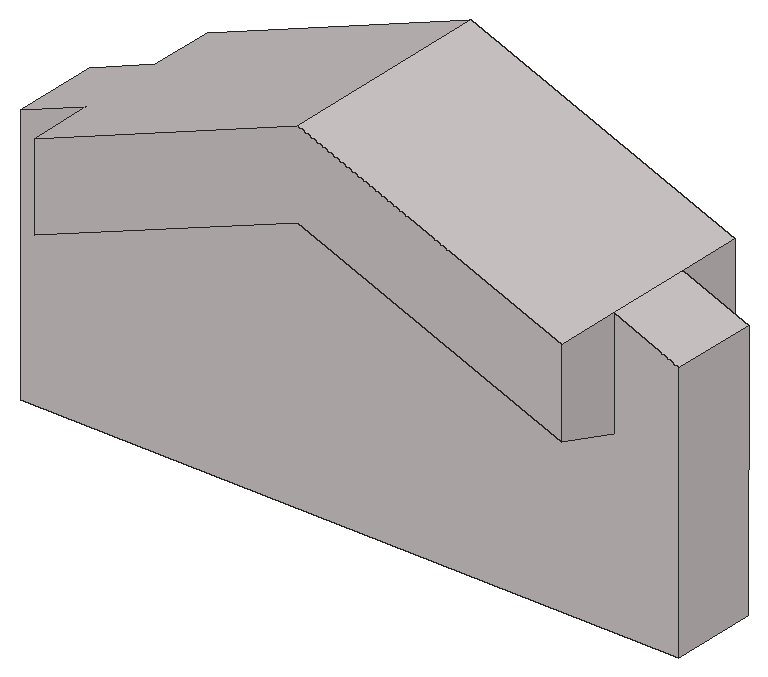
Revit family "M_Telhado de duas águas da viga mestra em T pré-moldada", category Quadro estrutural, Revit 2019
Family settings
  Exibir em vistas ocultas = Arestas ocultadas por outros membros
  Arredondamento do comprimento do framing estrutural = 0 mm
  Forma do corte = Não definido
  Material para o comportamento do modelo = Concreto pré-moldado
  Exportar sempre como geometria = Não
  Número OmniClass = 23.25.30.11.14.14
  Título OmniClass = Beams
  ID de item do Seek = Precast-Girder T-Saddleback-0000-CAN-ENU
  Sempre na vertical = Sim
  Corte com vazios quando carregada = Não
  Representação simbólica = Da família
  Compartilhado = Não
  Exibir o pré-corte da família na vista da planta = Sim
Parameters (values of type "900x600x200")
  Peso da vara de tirante [instance] = 30
  Vara de tirante W [instance] = (Peso da vara de tirante) * 9.80 kN / 1000  # 0.294 kN
  Structural Material [instance] = Concreto - Moldado in loco - 35 MPa
  Peso do vergalhão simples [instance] = 50
  Vergalhão em W simples [instance] = (Peso do vergalhão simples * 9.80 kN) / 1000  # 0.49 kN
  Peso das grades de vergalhão [instance] = 100
  Grades de vergalhão W [instance] = (Peso das grades de vergalhão * 9.80 kN) / 1000  # 0.98 kN
  Comprimento 1 = 152.4 mm
  D5 = 50 mm
  D4 [instance] = (D1 - D2) * 2 / Length * Comprimento 1 + D2  # 660 mm
  D2 = 600 mm
  D3 = 200 mm
  B1 = 200 mm
  Código de montagem = "B10"
  Length [instance] = 1524 mm
  B2 = 500 mm
  D1 = 900 mm
Types (3, lengths in mm): name | Comprimento 1 | D5 | D4 | D2 | D3 | B1 | D1
  (no name) | 152.4 | 50 | 660 | 600 | 200 | 200 | 900
  600x430x300 | 250 | 20 | 485.774 | 430 | 120 | 300 | 600
  900x600x200 | 152.4 | 50 | 660 | 600 | 200 | 200 | 900
Reference planes
  plane 1 "Centro (Frente/Trás)": y = 0
  plane 2: z = 0
  plane 3 "Centro (Esquerda/Direita)": x = 4.61
  plane 4 "Membro esquerdo": x = -756.81
  plane 5 "Membro direito": x = 766.03
  plane 6: y = 250
  plane 7: y = -250
  plane 8: z = 450
  plane 9 "Inferior": z = -450
  plane 10 "Esquerda": x = -757.39
  plane 11 "Direita": x = 766.61
  plane 12: y = 100
  plane 13: y = -100
  plane 14: x = -604.41
  plane 15: x = 614.21
  plane 16: x = 4.9
  plane 17: z = 250
  plane 18: z = 150
  plane 19: z = 210
  plane 20: z = 10
  plane 21: z = 200
  plane 22: z = -40
Forms (mm)
  Blend 1, solid, material "Concreto - Moldado in loco - 35 MPa" <- "Structural Material"
    base sketch origin (4.61, 0, 0) x (0, 1, 0) y (0, 0, 1)
      loop
        line (250, 450) -> (-250, 450) -> (-250, 250) -> (-100, 200) -> (-100, -450) -> (100, -450) -> (100, 200) -> (250, 250) -> (250, 450)
    top sketch origin (4.61, 0, 0) x (0, 1, 0) y (0, 0, 1)
      loop
        line (250, 210) -> (-250, 210) -> (-250, 10) -> (-100, -40) -> (-100, -450) -> (100, -450) -> (100, -40) -> (250, 10) -> (250, 210)
    from 0.29 to 609.6
  Blend 2, solid, material "Concreto - Moldado in loco - 35 MPa" <- "Structural Material"
    base sketch origin (429.51, 0, 0) x (0, 1, 0) y (0, 0, -1)
      loop
        line (250, -450) -> (250, -250) -> (100, -200) -> (100, 450) -> (-100, 450) -> (-100, -200) -> (-250, -250) -> (-250, -450) -> (250, -450)
    top sketch origin (429.51, 0, 0) x (0, 1, 0) y (0, 0, -1)
      loop
        line (250, -210) -> (250, -10) -> (100, 40) -> (100, 450) -> (-100, 450) -> (-100, 40) -> (-250, -10) -> (-250, -210) -> (250, -210)
    from 424.61 to 1033.92
  Blend 3, solid, material "Concreto - Moldado in loco - 35 MPa" <- "Structural Material"
    base sketch origin (4.61, 0, 0) x (0, 1, 0) y (0, 0, 1)
      loop
        line (100, 210) -> (-100, 210) -> (-100, -450) -> (100, -450) -> (100, 210)
    top sketch origin (4.61, 0, 0) x (0, 1, 0) y (0, 0, 1)
      loop
        line (100, -450) -> (100, 150) -> (-100, 150) -> (-100, -450) -> (100, -450)
    from 609.6 to 761.42
  Blend 4, solid, material "Concreto - Moldado in loco - 35 MPa" <- "Structural Material"
    base sketch origin (429.51, 0, 0) x (0, 1, 0) y (0, 0, -1)
      loop
        line (100, -210) -> (100, 450) -> (-100, 450) -> (-100, -210) -> (100, -210)
    top sketch origin (429.51, 0, 0) x (0, 1, 0) y (0, 0, -1)
      loop
        line (100, 450) -> (-100, 450) -> (-100, -150) -> (100, -150) -> (100, 450)
    from 1033.92 to 1186.32
Cuts and joins
  joined: Blend 1, Blend 2, Blend 3, Blend 4
Dimensions and locks
  "B2": plane 6 to plane 7
  equal spacing: plane 9 "Inferior", plane 2, plane 8
  equal spacing: plane 6, plane 1 "Centro (Frente/Trás)", plane 7
  "D1": plane 9 "Inferior" to plane 8
  "Length": plane 10 "Esquerda" to plane 11 "Direita"
  "B1": plane 12 to plane 13
  equal spacing: plane 12, plane 1 "Centro (Frente/Trás)", plane 13
  "D3": plane 8 to plane 17
  "D2": plane 9 "Inferior" to plane 18
  "D4": plane 9 "Inferior" to plane 19
  "D3": plane 20 to plane 19
  level to Blend 2 sketch curve = 210 mm
  equal spacing: plane 14, plane 16, plane 15
  "D5": plane 17 to plane 21
  "D5": plane 20 to plane 22
  "Comprimento 1": plane 4 "Membro esquerdo" to plane 14
  "Comprimento 1": plane 15 to plane 11 "Direita"
  aligned and locked: plane 7 to Blend 1 sketch curve  (x2)
  aligned and locked: Blend 1 sketch curve to plane 6  (x2)
  aligned and locked: Blend 1 to plane 16
  aligned and locked: plane 7 to Blend 2 sketch curve  (x2)
  aligned and locked: plane 8 to Blend 2 sketch curve
  aligned and locked: Blend 2 sketch curve to plane 6  (x2)
  aligned and locked: plane 16 to Blend 2
  aligned and locked: Blend 3 sketch curve to var sketch
  aligned and locked: Blend 3 sketch curve to plane 13
  aligned and locked: plane 12 to Blend 3 sketch curve
  aligned and locked: Blend 3 sketch curve to plane 12
  aligned and locked: plane 13 to Blend 3 sketch curve
  aligned and locked: Blend 4 sketch curve to plane 13
  aligned and locked: Blend 4 sketch curve to plane 12
  aligned and locked: plane 13 to Blend 4 sketch curve
  aligned and locked: plane 9 "Inferior" to Blend 4 sketch curve
  aligned and locked: Blend 4 sketch curve to plane 9 "Inferior"
  aligned and locked: plane 12 to Blend 4 sketch curve
  aligned and locked: plane 9 "Inferior" to Blend 3 sketch curve
  aligned and locked: Blend 2 to plane 14
  aligned and locked: plane 18 to Blend 4 sketch curve
  aligned and locked: plane 18 to Blend 3 sketch curve
  aligned and locked: plane 19 to Blend 1 sketch curve
  aligned and locked: Blend 1 to plane 15
  aligned and locked: plane 19 to Blend 4 sketch curve
  aligned and locked: plane 14 to Blend 4
  aligned and locked: Blend 2 sketch curve to plane 9 "Inferior"
  aligned and locked: plane 12 to Blend 2 sketch curve
  aligned and locked: plane 21 to Blend 2 sketch curve  (x2)
  aligned and locked: Blend 2 sketch curve to var sketch
  aligned and locked: Blend 3 sketch curve to plane 19
  aligned and locked: plane 15 to Blend 3
  aligned and locked: Blend 1 sketch curve to var sketch
  aligned and locked: var sketch to Blend 1 sketch curve
  aligned and locked: plane 8 to Blend 1 sketch curve
  aligned and locked: plane 21 to Blend 1 sketch curve  (x2)
  aligned and locked: plane 17 to Blend 1 sketch curve  (x2)
  aligned and locked: Blend 1 sketch curve to plane 9 "Inferior"
  aligned and locked: plane 20 to Blend 1 sketch curve  (x2)
  aligned and locked: plane 22 to Blend 1 sketch curve  (x2)
  aligned and locked: plane 12 to Blend 1 sketch curve
  aligned and locked: plane 4 "Membro esquerdo" to Blend 4
  aligned and locked: Blend 3 to plane 5 "Membro direito"
Automatic sketch dimensions
  Blend 2 sketch curve to plane 17 = 0 mm  (x2)
  Blend 2 sketch curve to plane 12 = 0 mm
  Blend 2 sketch curve to plane 19 = 0 mm
  Blend 2 sketch curve to plane 20 = 0 mm  (x2)
  Blend 2 sketch curve to plane 13 = 0 mm
  Blend 2 sketch curve to plane 22 = 0 mm  (x2)
  Blend 1 sketch curve to plane 13 = 0 mm
  Blend 1 sketch curve to plane 12 = 0 mm
